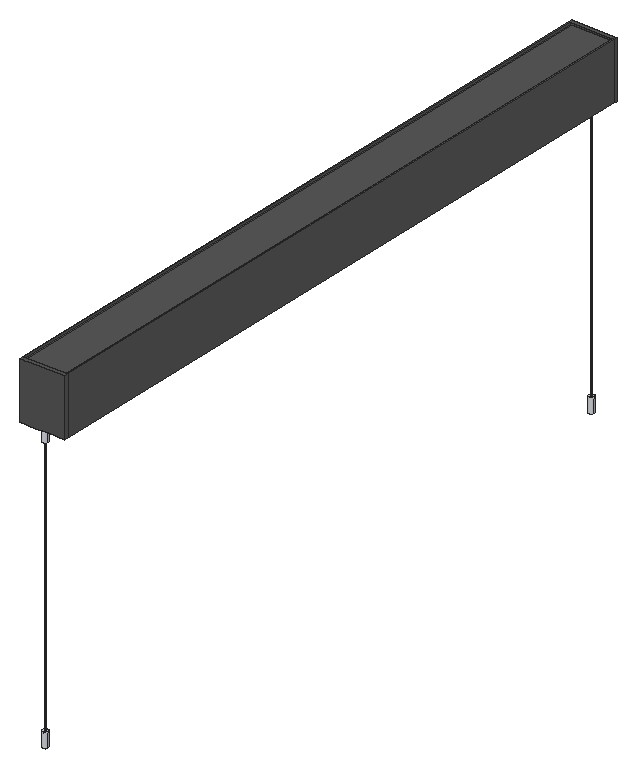
Revit family "EOS3.0-P-D-WET", category Lighting Fixtures, host Face, Revit 2018
Family settings
  Host = Face
  Round Connector Dimension = Use Diameter
  Part Type = Normal
  Cut with Voids When Loaded = No
  Light Source = Yes
  Shared = Yes
  Room Calculation Point = Yes
Parameters (values of type "4' Direct")
  Wattage = 17.6471 W
  built-in parameter 1150110 = 1 (stored number, unit not read)
  Voltage = 0 V
  Type Comments = "LUX ILLUMINAIRE"
  built-in parameter 1114217 = 1 (stored number, unit not read)
  Tilt Angle = 90.00°
  built-in parameter 1150109 = 1 (stored number, unit not read)
  built-in parameter 1150134 = 12
  Switch Leg Visibility = no
  Switch Leg [instance] = ""
  Suspension Length [instance] = 2' - 0"
  built-in parameter 1150113 = 1 (stored number, unit not read)
  Photometric Web File = "EOS 3.0-P-WET-D-LAM-375-4-40K-8-UNV-S1-W.ies"
  Material [instance] = LUX ILLUMINAIRE Black
  Manufacturer = ""
  built-in parameter 1150105 = 119.37 (stored number, unit not read)
  Lumens = 1500 lm
  built-in parameter 1150115 = 1 (stored number, unit not read)
  built-in parameter 1150137 = (empty or 0)
  built-in parameter 1150139 = (empty or 0)
  built-in parameter 1150112 = 1 (stored number, unit not read)
  built-in parameter 1150114 = 1 (stored number, unit not read)
  Lamp = "LED"
  built-in parameter 1150132 = 2
  built-in parameter 1150102 = (empty or 0)
  built-in parameter 1150107 = 4000 (stored number, unit not read)
  built-in parameter 1150138 = (empty or 0)
  built-in parameter 1150106 = 1.1937 (stored number, unit not read)
  Fixture Width = 0' - 3 19/128"  # constant formula
  Fixture Symbol Visiblity = yes
  Fixture Length = 4' - 0"
  End Cap - R - Visibility [instance] = yes
  End Cap - L- Visibility [instance] = yes
  Emit from Rectangle Width = Fixture Width - 0' 0 1/4"  # 0' - 2 115/128"
  Emit from Rectangle Length = Fixture Length  # 4' - 0"
  Emit Shape Visible in Rendering = yes
  Emergency Lighting [instance] = no
  built-in parameter 1150104 = 7.8968 (stored number, unit not read)
  Dimming Lamp Color Temperature Shift = <None>
  Default Elevation = 4' - 0"
  Color Filter = 16777215
  built-in parameter 1140040 [instance] = 1
  Cable - R - Visibility [instance] = yes
  Cable - L- Visibility [instance] = yes
  built-in parameter 1114218 = 1 (stored number, unit not read)
  built-in parameter 1150133 = 10 (stored number, unit not read)
  Apparent Load = 14.6 VA
Types (6): name | Wattage | Type Comments | Manufacturer | built-in parameter 1150105 | Lumens | built-in parameter 1150106 | Fixture Length | Emit from Rectangle Length | Apparent Load
  3' Direct | 13.2353 W | "LUX ILLUMINAIRE" | "" | 89.525 (stored number, unit not read) | 1125 lm | 0.89525 (stored number, unit not read) | 3' - 0" | 3' - 0" | 11 VA
  4' Direct | 17.6471 W | "LUX ILLUMINAIRE" | "" | 119.37 (stored number, unit not read) | 1500 lm | 1.1937 (stored number, unit not read) | 4' - 0" | 4' - 0" | 14.6 VA
  5' Direct | 22.0588 W | "LUX ILLUMINAIRE" | "" | 149.21 (stored number, unit not read) | 1875 lm | 1.4921 (stored number, unit not read) | 5' - 0" | 5' - 0" | 18.2 VA
  6' Direct | 26.4706 W | 0' - 0" | "LUX ILLUMINAIRE" | 179.05 (stored number, unit not read) | 2250 lm | 1.7905 (stored number, unit not read) | 6' - 0" | 6' - 0" | 21.9 VA
  7' Direct | 30.8824 W | 0' - 0" | "LUX ILLUMINAIRE" | 208.89 (stored number, unit not read) | 2625 lm | 2.0889 (stored number, unit not read) | 7' - 0" | 7' - 0" | 25.5 VA
  8' Direct | 35.2941 W | 0' - 0" | "LUX ILLUMINAIRE" | 238.73 (stored number, unit not read) | 3000 lm | 2.3873 (stored number, unit not read) | 8' - 0" | 8' - 0" | 29.2 VA
Reference planes (in)
  plane 1 "Center (Front/Back)": y = 0
  plane 2: z = 0
  plane 3 "Center (Left/Right)": x = 0
  plane 4: x = 1.57422
  plane 5: x = -1.57422
  plane 6: y = 24
  plane 7: y = -24
  plane 8: z = 24
  plane 9: y = 24.25
  plane 10: y = -24.25
  plane 11: z = 1
  plane 12: z = 20
  plane 13: z = 19.25
Forms (in)
  Extrusion 1, solid, material "LUX ILLUMINAIRE Black" <- "Material"
    sketch origin (0, 0, 0) x (1, 0, 0) y (0, 0, 1)
      loop
        line (-1.57447, 19.9985) -> (-0.437, 19.9985) -> (0.438, 19.9985) -> (1.57548, 19.9985) -> (1.57548, 24) -> (1.49049, 24) -> (1.49049, 23.887) -> (1.3385, 23.90497) -> (-1.33792, 23.90497) -> (-1.48948, 23.887) -> (-1.48948, 24) -> (-1.57447, 24) -> (-1.57447, 19.9985)
    from -24 to 24
  Extrusion 2, solid, material "LUX ILLUMINAIRE Black" <- "Material", visible <- "End Cap - R - Visibility"
    sketch origin (0, 0, 0) x (1, 0, 0) y (0, 0, 1)
      loop
        line (-1.57447, 24) -> (-1.57447, 19.9985) -> (-0.437, 19.9985) -> (0.438, 19.9985) -> (1.57548, 19.9985) -> (1.57548, 24) -> (-1.57447, 24)
    from 24 to 24.25
  Extrusion 3, solid, visible <- "Cable - R - Visibility"
    sketch origin (0, 0, 0) x (1, 0, 0) y (0, 1, 0)
      loop
        circle (0.00029, -24) r 0.1875
    from 0 to 1
  Extrusion 4, solid, visible <- "Cable - R - Visibility"
    sketch origin (0, 0, 0) x (1, 0, 0) y (0, 1, 0)
      loop
        circle (0.0005, -24) r 0.03125
    from 1 to 19.25
  Extrusion 5, solid, visible <- "Cable - R - Visibility"
    sketch origin (0, 0, 0) x (1, 0, 0) y (0, 1, 0)
      loop
        circle (0.0005, -24) r 0.18729
    from 19.25 to 20
  Extrusion 6, solid, not visible
    sketch origin (0, 0, 0) x (1, 0, 0) y (0, 1, 0)
      loop
        circle (0.00029, -24) r 0.1875
    from 0 to 1
  Extrusion 7, solid, not visible
    sketch origin (0, 0, 0) x (1, 0, 0) y (0, 1, 0)
      loop
        circle (0.0005, -24) r 0.03125
    from 1 to 13.33203
  Extrusion 8, solid, not visible
    sketch origin (0, 0, 0) x (1, 0, 0) y (0, 1, 0)
      loop
        circle (0.0005, -24) r 0.18729
    from 13.33203 to 14.08203
  Extrusion 9, solid, material "LUX ILLUMINAIRE Black" <- "Material", visible <- "End Cap - L- Visibility"
    sketch origin (0.00056, 24, 0) x (1, 0, 0) y (0, 0, -1)
      loop
        line (-1.57478, -24) -> (1.57366, -24) -> (1.57366, -19.9985) -> (0.438, -19.9985) -> (-0.437, -19.9985) -> (-1.57478, -19.9985) -> (-1.57478, -24)
    from 0 to 0.25
  Extrusion 10, solid, visible <- "Cable - L- Visibility"
    sketch origin (0, 0, 0) x (1, 0, 0) y (0, 1, 0)
      loop
        circle (0.00029, 24) r 0.1875
    from 0 to 1
  Extrusion 11, solid, visible <- "Cable - L- Visibility"
    sketch origin (0, 0, 0) x (1, 0, 0) y (0, 1, 0)
      loop
        circle (0.0005, 24) r 0.03125
    from 1 to 19.25
  Extrusion 12, solid, visible <- "Cable - L- Visibility"
    sketch origin (0, 0, 0) x (1, 0, 0) y (0, 1, 0)
      loop
        circle (0.0005, 24) r 0.18729
    from 19.25 to 20
Lines and regions (in)
  symbolic lines, visible <- "Fixture Symbol Visiblity"
    curve 1: line (-1.57422, 24, 0) -> (1.57422, 24, 0)
    curve 2: line (-1.57422, -24, 0) -> (-1.57422, 24, 0)
    curve 3: line (1.57422, -24, 0) -> (-1.57422, -24, 0)
    curve 4: line (1.57422, 24, 0) -> (1.57422, -24, 0)
Dimensions and locks (in)
  plane 5 to plane 4 = 0' - 3 19/128"
  equal spacing: plane 7, plane 1 "Center (Front/Back)", plane 6
  "Fixture Length": plane 7 to plane 6
  plane 8 to host face = 2' - 0"
  locked: plane 6 to plane 9 at 0.25
  locked: plane 10 to plane 7 at 0.25
  "Suspension Length": plane 8 to level
  "Fixture Width": plane 4 to plane 5
  equal spacing: plane 4, plane 3 "Center (Left/Right)", plane 5
  locked: nested 2 to plane 10 at 9.5
  plane 8 to plane 12 to plane 13 = 0' - 4" locked, 0' - 0 3/4" locked
  locked: plane 8 to imposter light at 0.05558
  aligned and locked: plane 2 to host face
  aligned and locked: level to host face
  aligned and locked: Extrusion 9 to plane 5
  aligned and locked: plane 4 to Extrusion 9
  aligned and locked: plane 6 to Extrusion 9
  aligned and locked: Extrusion 1 to plane 6
  aligned and locked: plane 10 to Extrusion 2
  aligned and locked: Extrusion 2 to plane 7
  aligned and locked: plane 7 to Extrusion 1
  aligned and locked: Extrusion 9 to plane 9
  aligned and locked: plane 12 to Extrusion 12
  aligned and locked: Extrusion 12 to plane 13
  aligned and locked: plane 13 to Extrusion 11
  aligned and locked: plane 12 to Extrusion 5
  aligned and locked: Extrusion 5 to plane 13
  aligned and locked: plane 13 to Extrusion 4
  aligned and locked: plane 7 to nested 1
  aligned and locked: plane 6 to curve 1
  aligned and locked: plane 5 to curve 2
  aligned and locked: curve 3 to plane 7
  aligned and locked: curve 4 to plane 4
  aligned and locked: nested 1 to plane 6
  aligned and locked: plane 8 to Extrusion 9
  aligned and locked: plane 8 to Extrusion 2
Automatic sketch dimensions
  host sketch curve to host sketch curve = 8' - 0"  (x2)
  Extrusion 1 sketch curve to plane 5 = 0' - 0.00025"
  plane 5 to Extrusion 1 sketch curve = 0' - 0.08474"  (x2)
  Extrusion 1 sketch curve to plane 8 = 0' - 0.113"  (x2)
  Extrusion 1 sketch curve to plane 8 = 0' - 0.09503"  (x2)
  Extrusion 1 sketch curve to Extrusion 1 sketch curve = 0' - 0.15157"
  Extrusion 1 sketch curve to plane 12 = 0' - 0.0015"
  Extrusion 1 sketch curve to plane 3 "Center (Left/Right)" = 0' - 0.437"
  plane 3 "Center (Left/Right)" to Extrusion 1 sketch curve = 0' - 0.438"
  Extrusion 1 sketch curve to plane 4 = 0' - 0.23572"
  Extrusion 1 sketch curve to plane 4 = 0' - 0.08373"  (x2)
  plane 4 to Extrusion 1 sketch curve = 0' - 0.00126"
  plane 8 to Extrusion 1 sketch curve = 0' - 0"  (x2)
  Extrusion 1 sketch curve to Extrusion 1 sketch curve = 0' - 0"  (x2)
  Extrusion 2 sketch curve to plane 5 = 0' - 0.00025"
  Extrusion 2 sketch curve to plane 12 = 0' - 0.0015"
  Extrusion 2 sketch curve to plane 3 "Center (Left/Right)" = 0' - 0.437"
  plane 3 "Center (Left/Right)" to Extrusion 2 sketch curve = 0' - 0.438"
  plane 4 to Extrusion 2 sketch curve = 0' - 0.00126"
  plane 8 to Extrusion 2 sketch curve = 0' - 0"
  plane 5 to Extrusion 9 sketch curve = 0' - 0"
  Extrusion 9 sketch curve to plane 12 = 0' - 0.0015"
  Extrusion 9 sketch curve to plane 3 "Center (Left/Right)" = 0' - 0.43644"
  plane 3 "Center (Left/Right)" to Extrusion 9 sketch curve = 0' - 0.43856"
  plane 4 to Extrusion 9 sketch curve = 0' - 0"
  plane 8 to Extrusion 9 sketch curve = 0' - 0"
  plane 7 to Extrusion 3 sketch curve = 0' - 0"
  plane 3 "Center (Left/Right)" to Extrusion 3 sketch curve = 0' - 0.00029"
  plane 7 to Extrusion 4 sketch curve = 0' - 0"
  plane 3 "Center (Left/Right)" to Extrusion 4 sketch curve = 0' - 0.0005"
  plane 7 to Extrusion 5 sketch curve = 0' - 0"
  plane 3 "Center (Left/Right)" to Extrusion 5 sketch curve = 0' - 0.0005"
  plane 6 to Extrusion 10 sketch curve = 0' - 0"
  plane 3 "Center (Left/Right)" to Extrusion 10 sketch curve = 0' - 0.00029"
  plane 6 to Extrusion 11 sketch curve = 0' - 0"
  plane 3 "Center (Left/Right)" to Extrusion 11 sketch curve = 0' - 0.0005"
  plane 6 to Extrusion 12 sketch curve = 0' - 0"
  plane 3 "Center (Left/Right)" to Extrusion 12 sketch curve = 0' - 0.0005"
  radius of Extrusion 3 sketch curve = 0' - 0 3/16"
  radius of Extrusion 4 sketch curve = 0' - 0 1/32"
  radius of Extrusion 5 sketch curve = 0' - 0.18729"
  radius of Extrusion 6 sketch curve = 0' - 0 3/16"
  radius of Extrusion 7 sketch curve = 0' - 0 1/32"
  radius of Extrusion 8 sketch curve = 0' - 0.18729"
  radius of Extrusion 10 sketch curve = 0' - 0 3/16"
  radius of Extrusion 11 sketch curve = 0' - 0 1/32"
  radius of Extrusion 12 sketch curve = 0' - 0.18729"
Nested families (in)
  nested 1: "Emergency Symbol Rectangle" at (-10.98442, 0, 0) x (0, 1, 0) z (0, 0, 1), visible <- "Emergency Lighting", type "Emergency Symbol Rectangle"
    with Width 0' - 8.71884", Length 4' - 0"
  nested 2: "Switch Leg Annotation" at (9.99627, -14.75, 0) x (0, 1, 0) z (0, 0, 1), visible <- "Switch Leg Visibility", Switch Leg Annotation <- "Switch Leg", type "Switch Leg Annotation"
    with Switch Leg Annotation ""
Connectors (in)
  electrical at (0.00029, 24, 0), driven by "Apparent Load", driven by "Voltage"
    settings: on Extrusion 10, index 1, voltage 0 V, apparent load 0 VA, apparent load phase1 14.6 VA, apparent load phase2 0 VA, apparent load phase3 0 VA, power factor 1, load classification "Other", number of poles 1, system type 31, power factor state 1, is connector primary yes, connector utility no, sub classification motor no, connector description ""
Definition of nested family "Emergency Symbol Rectangle"
  Parameters (values of type "Emergency Symbol Rectangle")
    Width [instance] = 0' - 8 1/2"
    Length [instance] = 5' - 0"
    Emergency Visibility = no
  Reference planes (in)
    plane 1 "Center (Front/Back)": y = -7.75
    plane 2: z = 0
    plane 3 "Center (Left/Right)": x = -24
    plane 4: x = 24
    plane 5: x = -36
    plane 6: y = -3.5
    plane 7: y = -12
  Lines and regions (in)
    Filled region 1, type "Solid Fill - Black", in view "Ref. Level", detail levels coarse+medium
      outline origin (0, 0.25, 0) x (1, 0, 0) y (0, 1, 0)
        loop
          line (-36, -12.25) -> (24, -12.25) -> (-36, -10.125) -> (-36, -12.25)
  Dimensions and locks (in)
    equal spacing: plane 7, plane 1 "Center (Front/Back)", plane 6
    "Width": plane 7 to plane 6
    "Length": plane 5 to plane 4
    aligned and locked: plane 5 to Filled region 1
  Automatic sketch dimensions
    plane 1 "Center (Front/Back)" to Filled region 1 sketch curve = 0' - 2 1/8"
    Filled region 1 sketch curve to plane 3 "Center (Left/Right)" = 1' - 0"
    Filled region 1 sketch curve to plane 4 = 0' - 0"
    Filled region 1 sketch curve to plane 7 = 0' - 0"
Definition of nested family "Switch Leg Annotation"
  Parameters (values of type "Switch Leg Annotation")
    Switch Leg Annotation [instance] = ""
  Reference planes (in)
    plane 1: y = 0
    plane 2: x = 0
  Text (in)
    label "a" at (0.00527, 0.01239, 0), shows "Switch Leg Annotation"
